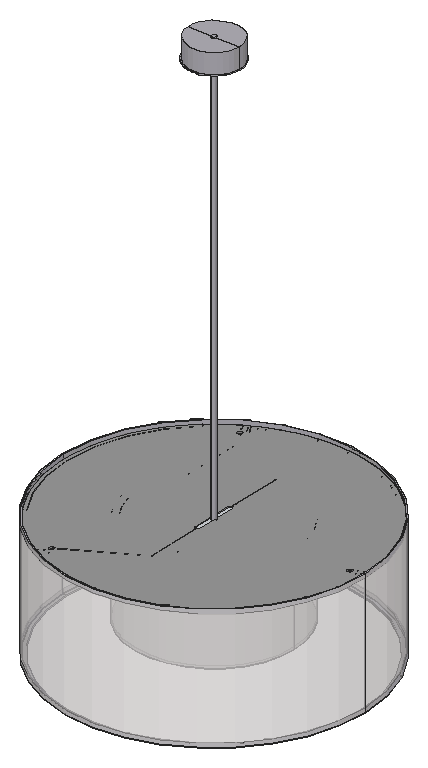
Revit family "Lighting - Lumetta - Pendant - P53414L2", category Lighting Fixtures, host Ceiling, Revit 2015
Parameters
  Wattage = 11.7117 W
  built-in parameter 1150110 = 1 (stored number, unit not read)
  URL = "https://lumetta.com/luminaires/drum-l2-34-pendant/"
  Type Comments = "Drum L2 34'' Pendant"  # constant formula
  built-in parameter 1114217 = 1 (stored number, unit not read)
  Top Lens-Material [instance] = Acrylic - 2447 - White
  Top Lens [instance] = yes
  built-in parameter 1150109 = 1 (stored number, unit not read)
  built-in parameter 1150134 = (empty or 0)
  Suspension [instance] = 2
  built-in parameter 1150113 = 1 (stored number, unit not read)
  Stem Hung-ALL Lamping [instance] = Suspension = 2  # yes
  STD-NON_DIM [instance] = not([3-4-LED])  # yes
  Model URL [instance] = "https://lumetta.com/luminaires/drum-l2-34-pendant/"
  Light Source Symbol Size = 0' - 1"
  Diffuser Material-Outer-Inside [instance] = Shade - Lumetta - D61 - MT_White
  Coupling-Stems Over 60 inches [instance] = and([Stem Hung-ALL Lamping], Fixture Drop > 5' 0")  # no
  Model = "P53414L2"  # constant formula
  Manufacturer = "Lumetta, Inc."  # constant formula
  Lumens = 1300 lm
  built-in parameter 1150115 = 1 (stored number, unit not read)
  built-in parameter 1150105 = 103.45 (stored number, unit not read)
  built-in parameter 1150137 = (empty or 0)
  built-in parameter 1150139 = (empty or 0)
  built-in parameter 1150112 = 1 (stored number, unit not read)
  built-in parameter 1150114 = 1 (stored number, unit not read)
  built-in parameter 1150132 = 1
  built-in parameter 1150102 = (empty or 0)
  built-in parameter 1150138 = (empty or 0)
  built-in parameter 1150107 = 3000 (stored number, unit not read)
  built-in parameter 1150106 = 1.0345 (stored number, unit not read)
  Frame Finish [instance] = Paint - Lumetta - F02 - PC_Chrome
  Fixture Drop [instance] = 4' - 0"
  built-in parameter 1150104 = 10.312 (stored number, unit not read)
  Dimming Lamp Color Temperature Shift = (empty or 0)
  Diffuser Material-Outer [instance] = Shade - Lumetta - D61 - MT_White
  Description = ""
  Cord [instance] = Suspension = 1  # no
  Bottom Lens-Material [instance] = Acrylic - P95 - Etched White
  Bottom Lens [instance] = yes
  3-4-LED [instance] = and([3 or 4 Wire Dimming OR LED], Suspension = 1)  # no
  3 or 4 Wire Dimming OR LED [instance] = yes
  3 Cables [instance] = Suspension = 1  # no
  1CRD-3CBL-ALL Lamping [instance] = Suspension = 1  # no
  Cord Color [instance] = Cord, Black
  Color Filter = 16777215
  built-in parameter 1114218 = 1 (stored number, unit not read)
  built-in parameter 1150133 = 10 (stored number, unit not read)
Reference planes (in)
  plane 1 "Light Source Axis (F/B)": y = 0
  plane 2 "Ceiling": z = 96
  plane 3 "Light Source Axis (L/R)": x = 0
  plane 4 "Light Source Elevation": z = 45.5
  plane 5 "Fixture-Top": z = 48
  plane 6 "Fixture-Radius": x = 17
  plane 7 "Fixture-Height": z = 34
  plane 8: through (0, 0, 0) normal (-0.5, -0.866, 0)
  plane 9: y = 0
  plane 10: through (0, 0, 0) normal (0.5, -0.866, 0)
  plane 11 "Plane-120": through (-8.5, 14.72243, 0) normal (0.5, -0.866, 0)
  plane 12 "Plane-240": through (-70.85383, 21.27757, 0) normal (0.5, 0.866, 0)
  plane 13: through (0, 0, 0) normal (-0.866, -0.5, 0)
  plane 14: through (0, 0, 0) normal (0.866, -0.5, 0)
Forms (in)
  Revolve 1, solid, material "Paint - Lumetta - F02 - PC_Chrome" <- "Frame Finish", visible <- "1CRD-3CBL-ALL Lamping"
    sketch origin (0, 0, 0) x (1, 0, 0) y (0, 0, 1)
      loop
        line (0, 96) -> (0, 95.4375) -> (3, 95.4375) -> (3, 95.5) -> (2.87509, 95.5) -> (2.87509, 96) -> (0, 96)
      axis (0, 96) -> (0, 95.4375)
    angle from 0 to 360
  Extrusion 2, void
    sketch origin (0, 0, 95.4375) x (0, -1, 0) y (1, 0, 0)
      loop
        circle (0, 0) r 0.25
      loop
        circle (0, 2.5) r 0.06274
      loop
        circle (-2.16506, -1.25) r 0.06274
      loop
        circle (2.16506, -1.25) r 0.06274
    from 0 to 0.06358
  Revolve 3, solid, material "Paint - Lumetta - F02 - PC_Chrome" <- "Frame Finish"
    sketch origin (0, 0, 0) x (1, 0, 0) y (0, 0, 1)
      loop
        line (17, 48) -> (16.93781, 48) -> (16.93781, 47.56373) -> (16.50031, 47.56373) -> (16.50031, 47.50123) -> (17, 47.50123) -> (17, 48)
      loop
        line (17, 34.50004) -> (16.93781, 34.50004) -> (16.93781, 34.06378) -> (16.50031, 34.06378) -> (16.50031, 34) -> (17, 34) -> (17, 34.50004)
      axis (0, 48) -> (0, 34)
    angle from 0 to 360
  Revolve 4, solid, material "Shade - Lumetta - D61 - MT_White" <- "Diffuser Material-Outer"
    sketch origin (0, 0, 0) x (1, 0, 0) y (0, 0, 1)
      loop
        line (17, 48) -> (17, 34) -> (17.06242, 34) -> (17.06242, 48) -> (17, 48)
      axis (0, 48) -> (0, 34)
    angle from 0 to 360
  Extrusion 5, solid, material "Paint - Lumetta - F02 - PC_Chrome" <- "Frame Finish", visible <- "Stem Hung-ALL Lamping"
    sketch origin (0, 0, 48) x (0, -1, 0) y (-1, 0, 0)
      loop
        circle (0, 0) r 0.25
    from 0.56254 to -48
  Revolve 6, solid, material "Paint - Lumetta - F02 - PC_Chrome" <- "Frame Finish", visible <- "Coupling-Stems Over 60 inches"
    sketch origin (0, 0, 0) x (1, 0, 0) y (0, 0, 1)
      loop
        line (0, 108.53023) -> (0, 108) -> (0.26233, 108)
        arc (0.26233, 108) -> (0.31307, 108.05074) -> (0.26233, 108.10149) r 0.05074
        arc (0.26233, 108.10149) -> (0.29304, 108.26499) -> (0.26243, 108.42851) r 0.45126
        arc (0.26243, 108.42851) -> (0.31329, 108.47937) -> (0.26243, 108.53023) r 0.05086
        line (0.26243, 108.53023) -> (0, 108.53023)
      axis (0, 108.53023) -> (0, 108)
    angle from 0 to 360
  Revolve 7, solid, material "Paint - Lumetta - F02 - PC_Chrome" <- "Frame Finish", visible <- "Stem Hung-ALL Lamping"
    sketch origin (0, 0, 0) x (1, 0, 0) y (0, 0, 1)
      loop
        line (0, 96) -> (0, 93.40625) -> (0.34988, 93.40625)
        arc (0.34988, 93.40625) -> (0.49124, 93.54417) -> (0.58115, 93.72) r 0.61026
        line (0.58115, 93.72) -> (3, 93.72) -> (3, 93.78) -> (2.875, 93.78) -> (2.875, 96) -> (0, 96)
      axis (0, 96) -> (0, 93.40625)
    angle from 0 to 360
  Extrusion 8, solid, material "Cord, Black" <- "Cord Color", visible <- "1CRD-3CBL-ALL Lamping"
    sketch origin (0, 0, 48) x (0, -1, 0) y (1, 0, 0)
      loop
        circle (0, 0) r 0.15674
    from -0.56254 to 48
  Extrusion 9, solid
    sketch origin (0, 0, 48) x (0, -1, 0) y (1, 0, 0)
      loop
        line (-0.5, 16.48559) -> (-0.5, 15.75) -> (0.5, 15.75) -> (0.5, 16.48559)
        arc (0.5, 16.48559) -> (0, 16.49317) -> (-0.5, 16.48559) r 16.49317
      loop
        circle (0, 16) r 0.11051
      loop
        arc (-14.53312, -7.81335) -> (-14.28968, -8.25015) -> (-14.03312, -8.67938) r 16.50031
        line (-14.03312, -8.67938) -> (-13.3899, -8.30801) -> (-13.8899, -7.44199) -> (-14.53312, -7.81335)
      loop
        circle (-13.85641, -8) r 0.10826
      loop
        arc (14.02694, -8.67581) -> (14.2835, -8.24658) -> (14.52694, -7.80978) r 16.49317
        line (14.52694, -7.80978) -> (13.8899, -7.44199) -> (13.3899, -8.30801) -> (14.02694, -8.67581)
      loop
        circle (13.85641, -8) r 0.10826
    from -0.43627 to -0.49877
  Extrusion 10, solid
    sketch origin (0, 0, 48) x (0, -1, 0) y (1, 0, 0)
      loop
        circle (0, 16) r 0.11051
      loop
        line (-0.76833, 16.23292) -> (-0.76833, 15.46921) -> (-13.81756, -7.13271) -> (-14.42396, -7.48282) -> (-13.67396, -8.78185) -> (-13.01257, -8.4) -> (13.08589, -8.4) -> (13.69229, -8.7501) -> (14.44229, -7.45107) -> (13.7809, -7.06921) -> (0.73167, 15.53271) -> (0.73167, 16.23292) -> (-0.76833, 16.23292)
      loop
        circle (0, 15.25) r 0.15796
      loop
        circle (-13.85641, -8) r 0.11051
      loop
        circle (-13.20689, -7.625) r 0.15796
      loop
        circle (13.85641, -8) r 0.11051
      loop
        circle (13.20689, -7.625) r 0.15796
      loop
        arc (11.2475, -6.7125) -> (11.43695, -6.60313) -> (11.43695, -6.38438) r 0.21875
        line (11.43695, -6.38438) -> (0.18944, 13.09688)
        arc (0.18944, 13.09688) -> (0, 13.20625) -> (-0.18944, 13.09688) r 0.21875
        line (-0.18944, 13.09688) -> (-11.43695, -6.38438)
        arc (-11.43695, -6.38438) -> (-11.43695, -6.60313) -> (-11.2475, -6.7125) r 0.21875
        line (-11.2475, -6.7125) -> (11.2475, -6.7125)
    from -0.5625 to -0.49877
  Sweep 11, solid, visible <- "1CRD-3CBL-ALL Lamping"
    path origin (0, 0, 0) x (1, 0, 0) y (0, 0, 1)
      loop
        line (2.5, 95.50108) -> (15.25, 47.50123)
    profile origin (8.875, 0, 71.50116) x (0.966485, 0, 0.256723) y (0, -1, 0)
      loop
        circle (0, 0) r 0.03083
  Sweep 12, solid, visible <- "1CRD-3CBL-ALL Lamping"
    path origin (0, 0, 0) x (-0.5, 0.866025, 0) y (0, 0, 1)
      loop
        line (2.5, 95.50108) -> (15.25, 47.50123)
    profile origin (-4.4375, 7.68598, 71.50116) x (-0.483242, 0.837, 0.256723) y (0.866025, 0.5, 0)
      loop
        circle (0, 0) r 0.03083
  Sweep 13, solid, visible <- "1CRD-3CBL-ALL Lamping"
    path origin (0, 0, 0) x (-0.5, -0.866025, 0) y (0, 0, 1)
      loop
        line (2.5, 95.50108) -> (15.25, 47.50123)
    profile origin (-4.4375, -7.68598, 71.50116) x (-0.483242, -0.837, 0.256723) y (-0.866025, 0.5, 0)
      loop
        circle (0, 0) r 0.03083
  Extrusion 14, solid
    sketch origin (0, 0, 48) x (0, -1, 0) y (1, 0, 0)
      loop
        line (-8.47262, -1.25) -> (8.47262, -1.25) -> (7.02924, 1.25) -> (-7.02924, 1.25) -> (-8.47262, -1.25)
      loop
        circle (0, 0) r 0.28281
    from -0.56254 to -0.49877
  Extrusion 15, solid, material "Acrylic - 2447 - White" <- "Top Lens-Material", visible <- "Top Lens"
    sketch origin (0, 0, 48) x (0, -1, 0) y (1, 0, 0)
      loop
        line (-2.50665, 0.05287) -> (-8.76685, 0.05287) -> (-13.06871, -7.39816)
        arc (-13.06871, -7.39816) -> (-13.39627, -7.81123) -> (-12.97776, -7.49064) r 0.26561
        line (-12.97776, -7.49064) -> (-8.69468, -0.07213) -> (-2.50665, -0.07213)
        arc (-2.50665, -0.07213) -> (-2.4132, -0.21734) -> (-2.25, -0.27378) r 0.26415
        line (-2.25, -0.27378) -> (2.25, -0.27378)
        arc (2.25, -0.27378) -> (2.41692, -0.21436) -> (2.50874, -0.06284) r 0.26415
        line (2.50874, -0.06284) -> (8.68932, -0.06284) -> (12.97864, -7.49217)
        arc (12.97864, -7.49217) -> (13.3955, -7.80984) -> (13.06947, -7.39949) r 0.26408
        line (13.06947, -7.39949) -> (8.76109, 0.06284) -> (2.50402, 0.06284)
        arc (2.50402, 0.06284) -> (2.40911, 0.20123) -> (2.25, 0.25453) r 0.26415
        line (2.25, 0.25453) -> (-2.25, 0.25453)
        arc (-2.25, 0.25453) -> (-2.4132, 0.19808) -> (-2.50665, 0.05287) r 0.26415
      loop
        circle (0, 15.25) r 0.26626
      loop
        circle (0, 0) r 16.84375
    from -0.43627 to -0.375
  Revolve 16, solid, material "Paint - Lumetta - F02 - PC_Chrome" <- "Frame Finish", visible <- "STD-NON_DIM"
    sketch origin (0, 0, 0) x (1, 0, 0) y (0, 0, 1)
      loop
        line (0, 95.4375) -> (0, 94.87435) -> (0.28215, 94.87435) -> (0.37481, 95.4375) -> (0, 95.4375)
      axis (0, 95.4375) -> (0, 94.87435)
    angle from 0 to 360
  Revolve 17, solid, material "Paint - Lumetta - F02 - PC_Chrome" <- "Frame Finish", visible <- "3-4-LED"
    sketch origin (0, 0, 0) x (1, 0, 0) y (0, 0, 1)
      loop
        line (0, 95.4375) -> (0, 95.3765) -> (0.37481, 95.3765) -> (0.37481, 95.4375) -> (0, 95.4375)
      axis (0, 95.4375) -> (0, 95.3765)
    angle from 0 to 360
  Extrusion 18, solid, material "Acrylic - 2447 - White"
    sketch origin (0, 0, 48) x (0, -1, 0) y (1, 0, 0)
      loop
        circle (0, 0) r 9
      loop
        circle (-6.9282, -4) r 0.07031
      loop
        circle (6.9282, -4) r 0.07031
      loop
        arc (-8.34573, -0.69953) -> (-8.32461, -0.80725) -> (-8.28049, -0.90776) r 0.5
        line (-8.28049, -0.90776) -> (-4.92639, -6.71724)
        arc (-4.92639, -6.71724) -> (-4.8614, -6.8057) -> (-4.77867, -6.87786) r 0.5
        arc (-4.77867, -6.87786) -> (0, -8.375) -> (4.77867, -6.87786) r 8.375
        arc (4.77867, -6.87786) -> (4.8614, -6.8057) -> (4.92639, -6.71724) r 0.5
        line (4.92639, -6.71724) -> (8.28049, -0.90776)
        arc (8.28049, -0.90776) -> (8.32461, -0.80725) -> (8.34573, -0.69953) r 0.5
        arc (8.34573, -0.69953) -> (7.25296, 4.1875) -> (3.56706, 7.57738) r 8.375
        arc (3.56706, 7.57738) -> (3.46321, 7.61295) -> (3.3541, 7.625) r 0.5
        line (3.3541, 7.625) -> (-3.3541, 7.625)
        arc (-3.3541, 7.625) -> (-3.46321, 7.61295) -> (-3.56706, 7.57738) r 0.5
        arc (-3.56706, 7.57738) -> (-7.25296, 4.1875) -> (-8.34573, -0.69953) r 8.375
      loop
        circle (0, 8) r 0.07031
    from -0.82287 to -0.56254
  Extrusion 19, solid, material "Acrylic - P95 - Etched White"
    sketch origin (0, 0, 48) x (0, -1, 0) y (1, 0, 0)
      loop
        circle (0, 0) r 9
    from -10.49499 to -10.244
  Revolve 20, solid, material "Shade - Lumetta - D61 - MT_White"
    sketch origin (0, 0, 0) x (1, 0, 0) y (0, 0, 1)
      loop
        line (9, 47.43746) -> (9, 37.50343) -> (9.0625, 37.50343) -> (9.0625, 47.43746) -> (9, 47.43746)
      axis (0, 47.43746) -> (0, 37.50343)
    angle from 0 to 360
  Revolve 21, solid, material "Shade - Lumetta - D61 - MT_White" <- "Diffuser Material-Outer-Inside"
    sketch origin (0, 0, 0) x (1, 0, 0) y (0, 0, 1)
      loop
        line (17, 47.50123) -> (16.9375, 47.50123) -> (16.9375, 34.06378) -> (17, 34.06378) -> (17, 47.50123)
      axis (0, 47.50123) -> (0, 34.06378)
    angle from 0 to 360
Dimensions and locks (in)
  equal spacing: host sketch curve, plane 3 "Light Source Axis (L/R)", host sketch curve
  equal spacing: host sketch curve, plane 1 "Light Source Axis (F/B)", host sketch curve
  host sketch curve to host sketch curve = 10' - 0"  (x2)
  "Fixture Drop": plane 2 "Ceiling" to plane 5 "Fixture-Top"
  locked: plane 5 "Fixture-Top" to plane 4 "Light Source Elevation" at 2.5
  locked: plane 6 "Fixture-Radius" to plane 3 "Light Source Axis (L/R)" at 17
  locked: plane 5 "Fixture-Top" to plane 7 "Fixture-Height" at 14
  locked: Extrusion 2 sketch curve to Extrusion 2 sketch curve at 2.5
  locked: plane 6 "Fixture-Radius" to Revolve 3 sketch curve at 0.06219  (x2)
  locked: Revolve 4 sketch curve to plane 6 "Fixture-Radius" at 0.06242
  locked: Revolve 3 to Revolve 4 at 0.06378
  locked: Extrusion 5 sketch curve to imposter light
  locked: Extrusion 5 sketch curve to imposter light at 0
  Revolve 6 sketch curve to Revolve 6 sketch curve = 0' - 0.15822"
  locked: Revolve 6 sketch curve to Revolve 4 at 60
  locked: Revolve 6 sketch curve to Revolve 6 sketch curve at 0.53023
  locked: Revolve 6 sketch curve to Revolve 6 sketch curve at 0.26243
  locked: Revolve 6 sketch curve to Revolve 6 sketch curve at 0.26233
  locked: Revolve 6 sketch curve to Revolve 6 sketch curve at 0.05074
  locked: Revolve 6 sketch curve to Revolve 6 sketch curve at 0.47937
  locked: Revolve 6 sketch curve to Revolve 6 sketch curve at 0.26512
  locked: Revolve 7 sketch curve to Revolve 7 sketch curve at 2.875
  locked: Revolve 7 sketch curve to Revolve 7 sketch curve at 0.31375
  locked: plane 5 "Fixture-Top" to Revolve 3 sketch curve at 0.49877
  locked: Revolve 3 sketch curve to Revolve 3 sketch curve at 0.0625
  locked: Revolve 3 sketch curve to plane 7 "Fixture-Height" at 0.50004
  locked: plane 6 "Fixture-Radius" to Revolve 3 sketch curve at 0.49969
  locked: Revolve 1 sketch curve to Revolve 1 sketch curve at 0.0625
  locked: host ceiling to Revolve 1 sketch curve at 0.5625
  locked: Revolve 1 sketch curve to Revolve 1 sketch curve at 0.5625
  Revolve 1 sketch curve to Revolve 1 sketch curve = 0' - 2.87509"
  equal spacing: Extrusion 9 sketch curve, plane 1 "Light Source Axis (F/B)", Extrusion 9 sketch curve
  locked: Extrusion 9 sketch curve to plane 1 "Light Source Axis (F/B)" at 0.5
  locked: Extrusion 9 sketch curve to plane 6 "Fixture-Radius" at 1
  locked: Extrusion 9 sketch curve to plane 6 "Fixture-Radius" at 1.25
  locked: Extrusion 10 sketch curve to plane 6 "Fixture-Radius" at 1
  locked: Extrusion 10 sketch curve to plane 6 "Fixture-Radius" at 1.75
  locked: plane 10 to plane 11 "Plane-120" at 17
  locked: plane 12 "Plane-240" to plane 8 at 17
  locked: plane 11 "Plane-120" to Extrusion 9 sketch curve at 1.25
  locked: Extrusion 9 sketch curve to plane 11 "Plane-120" at 1
  locked: plane 12 "Plane-240" to Extrusion 9 sketch curve at 1.25
  locked: Extrusion 9 sketch curve to plane 12 "Plane-240" at 1
  locked: Extrusion 10 sketch curve to plane 11 "Plane-120" at 0.76708
  locked: Extrusion 10 sketch curve to plane 12 "Plane-240" at 0.76708
  locked: Extrusion 10 sketch curve to plane 6 "Fixture-Radius" at 0.76708
  locked: Extrusion 10 sketch curve to plane 12 "Plane-240" at 1
  locked: Extrusion 10 sketch curve to plane 12 "Plane-240" at 1.75
  locked: Extrusion 10 sketch curve to plane 11 "Plane-120" at 1
  locked: Extrusion 10 sketch curve to plane 11 "Plane-120" at 1.75
  equal spacing: Extrusion 9 sketch curve, plane 13, Extrusion 9 sketch curve, locked at 0.5 each
  equal spacing: Extrusion 9 sketch curve, plane 14, Extrusion 9 sketch curve
  locked: plane 10 to Extrusion 2 sketch curve at 2.5
  locked: Extrusion 2 sketch curve to plane 8 at 2.5
  locked: Extrusion 10 sketch curve to Extrusion 10 sketch curve at 1.6875  (x3)
  locked: Extrusion 10 sketch curve to Extrusion 10 sketch curve at 1.5  (x3)
  plane 3 "Light Source Axis (L/R)" to Extrusion 14 sketch curve = 0' - 1 1/4"
  Extrusion 14 sketch curve to plane 3 "Light Source Axis (L/R)" = 0' - 1 1/4"
  locked: Extrusion 14 sketch curve to Extrusion 10 at 1.6875  (x2)
  locked: Extrusion 15 sketch curve to plane 9 at 2.25
  locked: Extrusion 15 sketch curve to plane 3 "Light Source Axis (L/R)" at 0.07213
  locked: plane 3 "Light Source Axis (L/R)" to Extrusion 15 sketch curve at 0.05287
  locked: plane 3 "Light Source Axis (L/R)" to Extrusion 15 sketch curve at 0.06284
  locked: Extrusion 15 sketch curve to plane 3 "Light Source Axis (L/R)" at 0.06284
  locked: Extrusion 15 sketch curve to plane 3 "Light Source Axis (L/R)" at 0.00963  (x2)
  locked: Extrusion 15 sketch curve to plane 11 "Plane-120" at 1.75
  locked: Extrusion 15 sketch curve to plane 12 "Plane-240" at 1.75
  locked: Extrusion 15 sketch curve to plane 6 "Fixture-Radius" at 1.75
  locked: Extrusion 15 sketch curve to Extrusion 10 at 0.78125  (x2)
  locked: Extrusion 15 sketch curve to Extrusion 15 sketch curve at 0.125  (x2)
  Extrusion 15 to plane 3 "Light Source Axis (L/R)" = 0' - 0.07213"
  locked: plane 5 "Fixture-Top" to Extrusion 15 at 0.375
  locked: Revolve 1 sketch curve to Revolve 1 sketch curve at 3
  locked: Revolve 1 sketch curve to Revolve 1 sketch curve at 2.87509
  locked: Revolve 16 sketch curve to Revolve 16 sketch curve at 0.37481
  locked: Revolve 16 sketch curve to Revolve 16 sketch curve at 0.28215
  locked: Revolve 1 to Revolve 16 sketch curve at 0.56315
  locked: Revolve 1 to Revolve 17 sketch curve at 0.061
  locked: plane 3 "Light Source Axis (L/R)" to Revolve 17 sketch curve at 0.37481
  locked: Extrusion 18 sketch curve to plane 3 "Light Source Axis (L/R)" at 0
  locked: Extrusion 18 sketch curve to plane 9 at 0
  locked: Extrusion 18 to Extrusion 18 at 0.26033
  locked: Revolve 3 to Extrusion 19 at 9.99623
  locked: Extrusion 19 to Extrusion 19 at 0.25099
  locked: Extrusion 19 to Revolve 20 sketch curve at 0.00158
  locked: Revolve 20 sketch curve to Extrusion 18
  locked: Revolve 20 sketch curve to plane 3 "Light Source Axis (L/R)" at 9
  locked: Revolve 20 sketch curve to Revolve 20 sketch curve at 0.0625
  locked: Revolve 21 sketch curve to plane 7 "Fixture-Height" at 0.06378
  locked: Revolve 21 sketch curve to Revolve 3
  locked: Revolve 21 sketch curve to plane 6 "Fixture-Radius" at 0
  locked: Revolve 21 sketch curve to Revolve 21 sketch curve at 0.0625
  locked: Extrusion 15 sketch curve to Extrusion 15 sketch curve (radius 1' - 4 27/32")
  aligned and locked: plane 3 "Light Source Axis (L/R)" to imposter light
  aligned and locked: plane 1 "Light Source Axis (F/B)" to imposter light
  aligned and locked: plane 4 "Light Source Elevation" to imposter light
  aligned and locked: Revolve 4 sketch curve to plane 3 "Light Source Axis (L/R)"
  aligned and locked: Revolve 6 sketch curve to Revolve 6 sketch curve  (x2)
  aligned and locked: host ceiling to Extrusion 5
  aligned and locked: Extrusion 9 to Revolve 3
  aligned and locked: Revolve 3 to Extrusion 9
  aligned and locked: Extrusion 10 to Extrusion 9
  aligned and locked: Extrusion 9 sketch curve to Revolve 3
  aligned and locked: host ceiling to Extrusion 8
  aligned and locked: Extrusion 14 to Extrusion 5
  aligned and locked: Revolve 3 to Extrusion 14
  aligned and locked: Extrusion 15 sketch curve to Extrusion 15 sketch curve  (x2)
  aligned and locked: Extrusion 15 to Revolve 3
  aligned and locked: Extrusion 18 to Extrusion 5
Automatic sketch dimensions
  Revolve 4 sketch curve to plane 6 "Fixture-Radius" = 0' - 0"
  Revolve 4 sketch curve to plane 7 "Fixture-Height" = 0' - 0"
  Revolve 4 sketch curve to plane 5 "Fixture-Top" = 0' - 0"
  plane 7 "Fixture-Height" to Revolve 4 sketch curve = 0' - 1 1/4"
  Revolve 4 sketch curve to plane 5 "Fixture-Top" = 0' - 2 1/4"
  Revolve 6 sketch curve to plane 3 "Light Source Axis (L/R)" = 0' - 0"
  Revolve 6 sketch curve to Revolve 6 sketch curve = 0' - 11.34317"
  Revolve 7 sketch curve to plane 3 "Light Source Axis (L/R)" = 0' - 0"  (x3)
  Revolve 7 sketch curve to plane 2 "Ceiling" = 0' - 0"
  plane 3 "Light Source Axis (L/R)" to Revolve 7 sketch curve = 0' - 0.34988"
  Revolve 7 sketch curve to Revolve 7 sketch curve = 0' - 0.23126"
  Revolve 7 sketch curve to Revolve 7 sketch curve = 0' - 0 1/8"
  Revolve 7 sketch curve to plane 2 "Ceiling" = 0' - 2 3/32"
  Revolve 7 sketch curve to Revolve 7 sketch curve = 0' - 0.06"
  plane 2 "Ceiling" to Revolve 7 sketch curve = 0' - 1 3/4"
  Revolve 7 sketch curve to Revolve 7 sketch curve = 0' - 2 1/2"
  plane 1 "Light Source Axis (F/B)" to Extrusion 8 sketch curve = 0' - 0"
  Extrusion 8 sketch curve to plane 3 "Light Source Axis (L/R)" = 0' - 0"
  Revolve 3 sketch curve to plane 3 "Light Source Axis (L/R)" = 0' - 0"
  Revolve 3 sketch curve to plane 7 "Fixture-Height" = 0' - 0"
  Revolve 3 sketch curve to plane 5 "Fixture-Top" = 0' - 0"
  Revolve 3 sketch curve to plane 6 "Fixture-Radius" = 0' - 0"  (x2)
  Revolve 3 sketch curve to level = 0' - 10"
  Revolve 3 sketch curve to plane 2 "Ceiling" = 0' - 1"
  Revolve 3 sketch curve to Revolve 3 sketch curve = 0' - 0 7/16"
  Revolve 3 sketch curve to Revolve 3 sketch curve = 0' - 0.06378"
  Extrusion 9 sketch curve to Extrusion 9 sketch curve = 0' - 0"  (x2)
  plane 1 "Light Source Axis (F/B)" to Extrusion 9 sketch curve = 0' - 0"  (x2)
  Extrusion 9 sketch curve to Extrusion 9 sketch curve = 0' - 0.03349"  (x2)
  Extrusion 9 sketch curve to Extrusion 9 sketch curve = 0' - 0.17053"
  Extrusion 9 sketch curve to plane 6 "Fixture-Radius" = 0' - 0.51441"
  Extrusion 9 sketch curve to plane 3 "Light Source Axis (L/R)" = 0' - 0"
  plane 14 to Extrusion 9 sketch curve = 0' - 0"
  plane 13 to Extrusion 9 sketch curve = 0' - 0"
  Extrusion 2 sketch curve to Revolve 1 = 0' - 0"
  Extrusion 2 sketch curve to Extrusion 2 sketch curve = 0' - 1 1/4"  (x2)
  Sweep 11 sketch curve to plane 2 "Ceiling" = 0' - 0.49892"
  plane 3 "Light Source Axis (L/R)" to Sweep 11 sketch curve = 0' - 2 1/2"
  plane 5 "Fixture-Top" to Sweep 11 sketch curve = 0' - 0.49877"
  Sweep 11 sketch curve to plane 6 "Fixture-Radius" = 0' - 1 3/4"
  Sweep 11 sketch curve to plane 1 "Light Source Axis (F/B)" = 0' - 0"
  Sweep 11 sketch curve to profile plane = 0' - 0"
  Sweep 12 sketch curve to plane 2 "Ceiling" = 0' - 0.49892"
  Sweep 12 sketch curve to plane 10 = 0' - 2 1/2"
  plane 5 "Fixture-Top" to Sweep 12 sketch curve = 0' - 0.49877"
  plane 11 "Plane-120" to Sweep 12 sketch curve = 0' - 1 3/4"
  Sweep 12 sketch curve to profile plane = 0' - 0"
  profile plane to Sweep 12 sketch curve = 0' - 0"
  Sweep 13 sketch curve to plane 2 "Ceiling" = 0' - 0.49892"
  plane 8 to Sweep 13 sketch curve = 0' - 2 1/2"
  plane 5 "Fixture-Top" to Sweep 13 sketch curve = 0' - 0.49877"
  plane 12 "Plane-240" to Sweep 13 sketch curve = 0' - 1 3/4"
  profile plane to Sweep 13 sketch curve = 0' - 0"  (x2)
  plane 13 to Extrusion 10 sketch curve = 0' - 0"  (x3)
  plane 1 "Light Source Axis (F/B)" to Extrusion 10 sketch curve = 0' - 0"  (x3)
  plane 14 to Extrusion 10 sketch curve = 0' - 0"  (x2)
  Extrusion 10 sketch curve to plane 14 = 0' - 0"
  Extrusion 10 sketch curve to Extrusion 10 sketch curve = 0' - 0.18245"
  Extrusion 10 sketch curve to plane 1 "Light Source Axis (F/B)" = 0' - 0.18944"
  plane 1 "Light Source Axis (F/B)" to Extrusion 10 sketch curve = 0' - 0.18944"
  plane 1 "Light Source Axis (F/B)" to Extrusion 10 sketch curve = 0' - 0.73167"
  Extrusion 10 sketch curve to Extrusion 10 sketch curve = 0' - 0.121"
  Extrusion 10 sketch curve to Extrusion 10 sketch curve = 0' - 0 7/64"
  Extrusion 10 sketch curve to Extrusion 10 sketch curve = 0' - 1.95938"
  Extrusion 10 sketch curve to Extrusion 10 sketch curve = 0' - 0 7/32"
  Extrusion 10 sketch curve to Extrusion 10 sketch curve = 0' - 0.18944"  (x2)
  Extrusion 10 sketch curve to Extrusion 10 sketch curve = 0' - 0.6064"
  Extrusion 10 sketch curve to Extrusion 10 sketch curve = 0' - 0.66139"
  plane 1 "Light Source Axis (F/B)" to Extrusion 14 sketch curve = 0' - 0"
  Extrusion 14 sketch curve to plane 3 "Light Source Axis (L/R)" = 0' - 0"
  plane 13 to Extrusion 15 sketch curve = 0' - 0"
  plane 1 "Light Source Axis (F/B)" to Extrusion 15 sketch curve = 0' - 0"  (x2)
  plane 14 to Extrusion 15 sketch curve = 0' - 0"
  Extrusion 15 sketch curve to plane 3 "Light Source Axis (L/R)" = 0' - 0"
  plane 1 "Light Source Axis (F/B)" to Extrusion 15 sketch curve = 0' - 2 1/4"
  Extrusion 15 sketch curve to Extrusion 15 sketch curve = 0' - 0.25665"
  Extrusion 15 sketch curve to Extrusion 15 sketch curve = 0' - 0.13436"
  Extrusion 15 sketch curve to Extrusion 15 sketch curve = 0' - 0.09083"
  Revolve 1 sketch curve to plane 3 "Light Source Axis (L/R)" = 0' - 0"  (x2)
  Revolve 1 sketch curve to plane 5 "Fixture-Top" = 0' - 1 1/4"
  Revolve 1 sketch curve to Revolve 1 sketch curve = 0' - 9 3/4"
  Revolve 16 sketch curve to plane 3 "Light Source Axis (L/R)" = 0' - 0"  (x2)
  Revolve 16 sketch curve to plane 2 "Ceiling" = 0' - 0 9/16"
  Revolve 16 sketch curve to Revolve 16 sketch curve = 0' - 1.18685"
  plane 2 "Ceiling" to Revolve 16 sketch curve = 0' - 6 11/16"
  Revolve 17 sketch curve to plane 3 "Light Source Axis (L/R)" = 0' - 0"  (x2)
  Revolve 17 sketch curve to Revolve 17 sketch curve = 0' - 0.061"
  Revolve 17 sketch curve to Revolve 17 sketch curve = 0' - 0.82606"
  Revolve 17 sketch curve to plane 2 "Ceiling" = 0' - 0 1/4"
  Extrusion 18 sketch curve to Extrusion 18 sketch curve = 0' - 0"  (x11)
  Extrusion 18 sketch curve to Extrusion 18 sketch curve = 0' - 0.43301"  (x4)
  Extrusion 18 sketch curve to Extrusion 18 sketch curve = 0' - 1.35229"
  Extrusion 18 sketch curve to Extrusion 18 sketch curve = 0' - 2.00181"  (x2)
  Extrusion 18 sketch curve to Extrusion 18 sketch curve = 0' - 4.49338"  (x3)
  Extrusion 18 sketch curve to Extrusion 18 sketch curve = 0' - 3.3541"  (x2)
  Extrusion 18 sketch curve to Extrusion 18 sketch curve = 0' - 0.91928"
  Extrusion 18 sketch curve to Extrusion 18 sketch curve = 0' - 0 1/4"  (x4)
  Extrusion 18 sketch curve to Extrusion 18 sketch curve = 0' - 2.71724"  (x2)
  Extrusion 18 sketch curve to Extrusion 18 sketch curve = 0' - 3.09224"  (x2)
  Extrusion 18 sketch curve to Extrusion 18 sketch curve = 0' - 6.46724"
  Extrusion 18 sketch curve to Extrusion 18 sketch curve = 0' - 7 1/8"
  Extrusion 18 sketch curve to Extrusion 18 sketch curve = 0' - 0 1/2"
  Extrusion 18 sketch curve to Extrusion 18 sketch curve = 0' - 0 3/8"
  plane 1 "Light Source Axis (F/B)" to Extrusion 19 sketch curve = 0' - 0"
  Extrusion 19 sketch curve to plane 3 "Light Source Axis (L/R)" = 0' - 0"
  Revolve 20 sketch curve to plane 3 "Light Source Axis (L/R)" = 0' - 0"
  Revolve 20 sketch curve to plane 7 "Fixture-Height" = 0' - 1.43746"
  Revolve 20 sketch curve to plane 5 "Fixture-Top" = 0' - 8.68746"
  Revolve 21 sketch curve to plane 3 "Light Source Axis (L/R)" = 0' - 0"
  plane 7 "Fixture-Height" to Revolve 21 sketch curve = 0' - 9.74877"
  Revolve 21 sketch curve to plane 5 "Fixture-Top" = 0' - 5.25123"
  radius of Extrusion 5 sketch curve = 0' - 0 1/4"
  radius of Extrusion 8 sketch curve = 0' - 0.15674"
  radius of Extrusion 9 sketch curve = 0' - 0.11051"
  radius of Extrusion 9 sketch curve = 0' - 0.10826"  (x2)
  radius of Extrusion 2 sketch curve = 0' - 0.06274"  (x3)
  radius of Sweep 11 sketch curve = 0' - 0.03083"
  radius of Sweep 12 sketch curve = 0' - 0.03083"
  radius of Sweep 13 sketch curve = 0' - 0.03083"
  radius of Extrusion 10 sketch curve = 0' - 0.11051"  (x3)
  radius of Extrusion 10 sketch curve = 0' - 0.15796"  (x3)
  radius of Extrusion 14 sketch curve = 0' - 0.28281"
  radius of Extrusion 15 sketch curve = 0' - 0.26626"
  radius of Extrusion 2 sketch curve to Revolve 1 = 0' - 2 3/4"
  radius of Extrusion 18 sketch curve = 0' - 9"
  radius of Extrusion 18 sketch curve = 0' - 0 9/128"  (x3)
  radius of Extrusion 19 sketch curve = 0' - 9"
